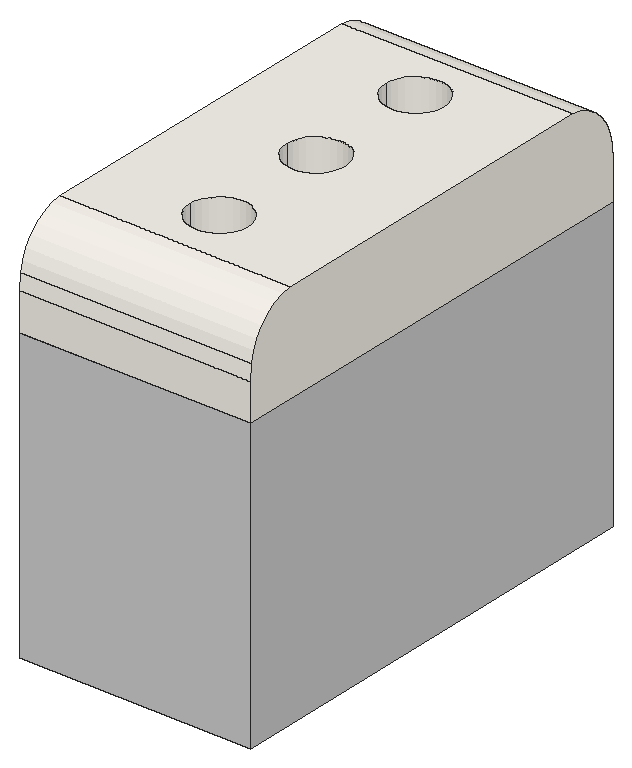
Revit family "Domotics-DomesticRanges-GEWISS-CHORUS_POWER-SOCKET-OUTLET_ITA_P11_10A", category Apparecchi elettrici, host Superficie, Revit 2016
Family settings
  Host = Superficie
  Mantenere orientamento annotazione = Sì
  Tipo di parte = Normale
  Quota connettore circolare = Usa diametro
  Numero OmniClass = 23.80.50.14
  Titolo OmniClass = Plug Connectors
  Taglio con vuoti quando caricato = Sì
  Condiviso = Sì
  Punto di calcolo locali = Sì
Parameters (values of type "GW14201 - Titanium")
  Wiring terminals = "With screw"
  Voltage: = "250 V ac"
  Voltage = "250 V ac"
  Volt = 230 V
  Vista di pianta [instance] = yes
  Version file RFA = "19.0"
  URL = "https://www.gewiss.com/ww/en"
  Tipo = CHORUS PRESE ITA P11 10A_BASE : TITANIO
  Thermo-pressure with ball = "125 °C"
  Terminal tightening capacity rigid cables (mm2) = "min. 0,5 - max. 2x2,5"
  Terminal tightening capacity flexible cables (mm2) = "min. 0,75 - max. 2x4"
  Terminal grip on cable traction = "> 50 N"
  Technical sheet = "https://www.gewiss.com/ww/en/search?q=GW14201"
  Standard; = "IEC 60884-1"
  Standard: = "English"
  Standard = "English"
  Socket-out type = "P11"
  Simbolo = SIMBOLO PRESE : PRESA
  SIMBOLO [instance] = yes
  SEO = "Socket outlet"
  Resistance at test voltage = "2000 V at 50 Hz for 1 minute"
  Realized by GEWISS S.p.A. = ""
  Prolonged operation (no.of position changes) = "10.000 at In 250 V ac cosØ=0,8"
  Produttore = "GEWISS S.p.A."
  No. Chorus modules: = "1"
  No. Chorus modules = "1"
  N. poli = 1
  Modello = "GW14201"
  Larghezza presa = 23 mm
  Insulation resistance = "> 5 MOhm"
  IFC.TypeObject = ""
  IFC.ExportType = ""
  IFC.ExportAs = ""
  IDT = "7b0b641e-4b91-4353-84d6-7d3690fbcad4"
  IDF = "24c1ba67-7f48-49eb-a107-84852124cb00"
  Glow Wire Test = "850°C"
  GW - Testo Elettrico [instance] = "10"
  Offset presa [instance] = 0 mm
  Offset bidimensionale [instance] = 2 mm
  For plug pins = "Ø 4 mm"
  Electrocod = "0131"
  EAN code = "8011564266292"
  Distanza_x [instance] = 0 mm
  Distanza_effettiva_x [instance] = 1500 mm - Distanza_x  # 1500 mm
  Default Elevation = 1219.2 mm
  Immagine tipo = GW14201.jpg
  Descrizione = "SOCKET 1M 2P+E 10A P11 IT ST TITANIUM"
  Description: = "2P+E - 10A"
  Description. = "Socket-outlet"
  Colour = "Titanium"
  Characteristics = "With safety shields"
  Category = "Socket-outlet"
  Catalogue Range = "CHORUS - DOMESTIC RANGE"
  Catalogue = "DOMOTICS"
  Carico apparente = 0 VA
  COBie.Tagnumber = ""
  COBie.CreatedOn = ""
  COBie.CreatebBy = ""
  COBie.ComponentRegisterItemID = ""
  COBie.Component.TagNumber = ""
  COBie.Component.Space = ""
  COBie.Component.SerialNumber = ""
  COBie.Component.InstallationDate = ""
  COBie.Component.Description = ""
  COBie.Component.BarCode = ""
  Breaking capacity: = "1.25 In (100 position changes)"
Types (3, lengths in mm): name | Tipo | Technical sheet | Modello | IDT | EAN code | Immagine tipo | Descrizione | Colour
  GW10201 - White | CHORUS PRESE ITA P11 10A_BASE : TITANIO | "https://www.gewiss.com/ww/en/search?q=GW10201" | "GW10201" | "3ef2344a-9335-4455-aaba-8e2aef3bcaca" | "8011564257887" | GW14201.jpg | "S. OUT. 1M 2P+E 10A P11 IT WHITE" | "White"
  GW12201 - Black | CHORUS PRESE ITA P11 10A_BASE : NERO | "https://www.gewiss.com/ww/en/search?q=GW12201" | "GW12201" | "84ce0c27-3db9-4006-9db4-e47034b50362" | "8011564267206" | GW12201.jpg | "SOCKET, 1M 2P+E 10A P11 IT ST BLACK" | "Black"
  GW14201 - Titanium | CHORUS PRESE ITA P11 10A_BASE : TITANIO | "https://www.gewiss.com/ww/en/search?q=GW14201" | "GW14201" | "7b0b641e-4b91-4353-84d6-7d3690fbcad4" | "8011564266292" | GW14201.jpg | "SOCKET 1M 2P+E 10A P11 IT ST TITANIUM" | "Titanium"
Reference planes
  plane 1 "Centro (Fronte/Retro)": y = 0
  plane 2: z = 0
  plane 3 "Centro (Sinistra/Destra)": x = 0
  plane 4: z = 0
  plane 5 "piano bidimensionale": z = 41
  plane 6: x = -11.5
  plane 7: x = 11.5
  plane 8: x = -1500
  plane 9: x = 0
  plane 10: z = 39
Lines and regions (mm)
  Masking region 1, visible <- "Vista di pianta"
    outline origin (0, 0, 0) x (1, 0, 0) y (0, 0, 1)
      loop
        line (11.5, 0) -> (11.5, 39) -> (-11.5, 39) -> (-11.5, 0) -> (11.5, 0)
  Masking region 2, visible <- "Vista di pianta"
    outline origin (0, 0, 41) x (0, -1, 0) y (1, 0, 0)
      loop
        line (-22.5, 11.5) -> (-22.5, -11.5) -> (22.5, -11.5) -> (22.5, 11.5) -> (-22.5, 11.5)
      loop
        circle (0, 0) r 2.942
      loop
        circle (-12.206, 0.079) r 2.942
      loop
        circle (12.206, 0.079) r 2.942
  Masking region 3, visible <- "Vista di pianta"
    outline origin (0, 0, 0) x (0, 1, 0) y (0, 0, 1)
      loop
        line (22.5, 0) -> (22.5, 39) -> (-22.5, 39) -> (-22.5, 0) -> (22.5, 0)
  model lines, style "pulsanti", detail levels coarse
    curve 1: line (11.5, 22.5, 41) -> (11.5, -22.5, 41)
    curve 2: line (11.5, -22.5, 41) -> (-11.5, -22.5, 41)
    curve 3: line (-11.5, -22.5, 41) -> (-11.5, 22.5, 41)
    curve 4: line (-11.5, 22.5, 41) -> (11.5, 22.5, 41)
    curve 5: spline (-2.86, -12.315, 41) -> (-2.785, -11.534, 41) -> (-2.505, -10.8, 41) -> (-2.041, -10.166, 41) -> (-1.424, -9.678, 41) -> (-0.701, -9.371, 41) -> (0.079, -9.266, 41) -> (0.859, -9.371, 41) -> (1.583, -9.678, 41) -> (2.199, -10.166, 41) -> (2.664, -10.8, 41) -> (2.943, -11.534, 41) -> (3.018, -12.315, 41)
    curve 6: spline (3.018, -12.315, 41) -> (2.897, -13.054, 41) -> (2.591, -13.739, 41) -> (2.122, -14.324, 41) -> (1.52, -14.772, 41) -> (0.824, -15.052, 41) -> (0.079, -15.148, 41) -> (-0.666, -15.052, 41) -> (-1.362, -14.772, 41) -> (-1.964, -14.324, 41) -> (-2.433, -13.739, 41) -> (-2.738, -13.054, 41) -> (-2.86, -12.315, 41)
    curve 7: arc (2.942, 0, 41) -> (0, -2.942, 41) -> (-2.942, 0, 41) r 2.942
    curve 8: arc (-2.942, 0, 41) -> (0, 2.942, 41) -> (2.942, 0, 41) r 2.942
    curve 9: spline (3.018, 12.315, 41) -> (2.943, 11.534, 41) -> (2.664, 10.8, 41) -> (2.199, 10.166, 41) -> (1.583, 9.678, 41) -> (0.859, 9.371, 41) -> (0.079, 9.266, 41) -> (-0.701, 9.371, 41) -> (-1.424, 9.678, 41) -> (-2.041, 10.166, 41) -> (-2.505, 10.8, 41) -> (-2.785, 11.534, 41) -> (-2.86, 12.315, 41)
    curve 10: spline (-2.86, 12.315, 41) -> (-2.738, 13.054, 41) -> (-2.433, 13.739, 41) -> (-1.964, 14.324, 41) -> (-1.362, 14.772, 41) -> (-0.666, 15.052, 41) -> (0.079, 15.148, 41) -> (0.824, 15.052, 41) -> (1.52, 14.772, 41) -> (2.122, 14.324, 41) -> (2.591, 13.739, 41) -> (2.897, 13.054, 41) -> (3.018, 12.315, 41)
  model lines, style "pulsanti", not visible, detail levels coarse
    curve 11: line (11.5, 22.5, 60) -> (11.5, -22.5, 60)
    curve 12: line (11.5, -22.5, 60) -> (-11.5, -22.5, 60)
    curve 13: line (-11.5, -22.5, 60) -> (-11.5, 22.5, 60)
    curve 14: line (-11.5, 22.5, 60) -> (11.5, 22.5, 60)
    curve 15: spline (-2.86, -12.315, 60) -> (-2.785, -11.534, 60) -> (-2.505, -10.8, 60) -> (-2.041, -10.166, 60) -> (-1.424, -9.678, 60) -> (-0.701, -9.371, 60) -> (0.079, -9.266, 60) -> (0.859, -9.371, 60) -> (1.583, -9.678, 60) -> (2.199, -10.166, 60) -> (2.664, -10.8, 60) -> (2.943, -11.534, 60) -> (3.018, -12.315, 60)
    curve 16: spline (3.018, -12.315, 60) -> (2.897, -13.054, 60) -> (2.591, -13.739, 60) -> (2.122, -14.324, 60) -> (1.52, -14.772, 60) -> (0.824, -15.052, 60) -> (0.079, -15.148, 60) -> (-0.666, -15.052, 60) -> (-1.362, -14.772, 60) -> (-1.964, -14.324, 60) -> (-2.433, -13.739, 60) -> (-2.738, -13.054, 60) -> (-2.86, -12.315, 60)
    curve 17: arc (2.942, 0, 60) -> (0, -2.942, 60) -> (-2.942, 0, 60) r 2.942
    curve 18: arc (-2.942, 0, 60) -> (0, 2.942, 60) -> (2.942, 0, 60) r 2.942
    curve 19: spline (3.018, 12.315, 60) -> (2.943, 11.534, 60) -> (2.664, 10.8, 60) -> (2.199, 10.166, 60) -> (1.583, 9.678, 60) -> (0.859, 9.371, 60) -> (0.079, 9.266, 60) -> (-0.701, 9.371, 60) -> (-1.424, 9.678, 60) -> (-2.041, 10.166, 60) -> (-2.505, 10.8, 60) -> (-2.785, 11.534, 60) -> (-2.86, 12.315, 60)
    curve 20: spline (-2.86, 12.315, 60) -> (-2.738, 13.054, 60) -> (-2.433, 13.739, 60) -> (-1.964, 14.324, 60) -> (-1.362, 14.772, 60) -> (-0.666, 15.052, 60) -> (0.079, 15.148, 60) -> (0.824, 15.052, 60) -> (1.52, 14.772, 60) -> (2.122, 14.324, 60) -> (2.591, 13.739, 60) -> (2.897, 13.054, 60) -> (3.018, 12.315, 60)
Dimensions and locks
  "Offset presa": plane 4 to host face
  equal spacing: plane 6, plane 3 "Centro (Sinistra/Destra)", plane 7
  "Larghezza presa": plane 6 to plane 7
  plane 8 to plane 3 "Centro (Sinistra/Destra)" = 1500 mm
  "Distanza_effettiva_x": plane 8 to plane 9
  locked: plane 10 to plane 4 at 39
  "Offset bidimensionale": plane 5 "piano bidimensionale" to plane 10
  aligned and locked: plane 2 to host face
  aligned and locked: level to host face
  aligned and locked: nested 1 to plane 4  (x3)
  aligned and locked: plane 4 to Masking region 1 sketch curve
  aligned and locked: plane 6 to Masking region 1 sketch curve
  aligned and locked: plane 9 to nested 2
  aligned and locked: Masking region 2 sketch curve to nested 1  (x2)
  aligned and locked: Masking region 1 to plane 4
  aligned and locked: plane 5 "piano bidimensionale" to curve 2
  aligned and locked: curve 4 to plane 5 "piano bidimensionale"
  aligned and locked: plane 5 "piano bidimensionale" to curve 1
  aligned and locked: curve 3 to plane 5 "piano bidimensionale"
  aligned and locked: plane 10 to Masking region 1
  aligned and locked: Masking region 3 sketch curve to plane 10
  aligned and locked: plane 4 to Masking region 3 sketch curve
Automatic sketch dimensions
  host sketch curve to host sketch curve = 2438.4 mm  (x2)
  Masking region 1 sketch curve to plane 7 = 0 mm
  plane 1 "Centro (Fronte/Retro)" to Masking region 2 sketch curve = 0 mm
  Masking region 2 sketch curve to plane 3 "Centro (Sinistra/Destra)" = 0 mm
  Masking region 2 sketch curve to Masking region 2 sketch curve = 2.942 mm
  plane 3 "Centro (Sinistra/Destra)" to Masking region 2 sketch curve = 0.079 mm  (x2)
  Masking region 2 sketch curve to plane 1 "Centro (Fronte/Retro)" = 12.206 mm
  Masking region 2 sketch curve to plane 3 "Centro (Sinistra/Destra)" = 2.863 mm  (x2)
  plane 1 "Centro (Fronte/Retro)" to Masking region 2 sketch curve = 12.206 mm
  Masking region 1 sketch curve to plane 5 "piano bidimensionale" = 2 mm
  Masking region 2 sketch curve to Masking region 2 sketch curve = 10.294 mm  (x2)
  plane 1 "Centro (Fronte/Retro)" to Masking region 3 sketch curve = 22.5 mm
  Masking region 3 sketch curve to plane 1 "Centro (Fronte/Retro)" = 22.5 mm
Nested families
  nested 1: "CHORUS PRESE ITA P11 10A_BASE" at (0, 0, 0), type <- "Tipo", type "TITANIO", detail levels medium+fine
  nested 2: "SIMBOLO PRESE" at (0, 100, 0), TESTO ELETTRICO <- "GW - Testo Elettrico", type <- "Simbolo", SIMBOLO <- "SIMBOLO", visible <- "SIMBOLO", type "PRESA"
    with TESTO ELETTRICO "10", Distanza dal muro 4.208 mm, BORDO ACCESO yes
Connectors
  electrical at (0, 0, 0), driven by "N. poli", driven by "Volt", driven by "Carico apparente"
    settings: on nested 1, index 1, voltage 230 V, apparent load 0 VA, apparent load phase1 0 VA, apparent load phase2 0 VA, apparent load phase3 0 VA, power factor 1, load classification "Other", number of poles 1, system type 31, power factor state 1, is connector primary yes, connector utility no, sub classification motor no, connector description ""
Definition of nested family "CHORUS PRESE ITA P11 10A_BASE"
  Parameters (values of type "TITANIO")
    Simbolo accensione = none
    Supporto = none
    Pulsante = none
    Profondità suporto = 29 mm
    Larghezza pulsante = 23 mm  # constant formula
    Bidimensionale = 36.414 mm
    Altezza pulsante = 45 mm
  Types (3): name
    NERO
    TITANIO
    BIANCO
  Reference planes
    plane 1 "Centro (Fronte/Retro)": y = 0
    plane 2: z = 0
    plane 3 "Centro (Sinistra/Destra)": x = 0
    plane 4: y = -22.5
    plane 5: y = 22.5
    plane 6: x = -11.5
    plane 7: x = 11.5
    plane 8: z = 29
    plane 9 "PIANO BIDIMENSIONALE": z = 36.414
    plane 10: z = 39
    plane 11: z = 34.418
  Forms (mm)
    Extrusion 1, solid, material <- "Supporto"
      sketch origin (0, 0, 0) x (0, 1, 0) y (0, 0, 1)
        loop
          line (-22.5, 0) -> (22.5, 0) -> (22.5, 29) -> (-22.5, 29) -> (-22.5, 0)
      from -11.5 to 11.5
    Extrusion 2, solid, material <- "Pulsante"
      sketch origin (0, 0, 0) x (0, 1, 0) y (0, 0, 1)
        loop
          arc (-17.507, 39) -> (-20.777, 37.471) -> (-22.34, 34.217) r 5.368
          line (-22.34, 34.217) -> (-22.5, 32.69) -> (-22.5, 29) -> (22.5, 29) -> (22.5, 32.69) -> (22.34, 34.217)
          arc (22.34, 34.217) -> (20.777, 37.471) -> (17.507, 39) r 5.368
          line (17.507, 39) -> (-17.507, 39)
      from -11.5 to 11.5
    Extrusion 3, void
      sketch origin (0, 0, 36.414) x (-1, 0, 0) y (0, -1, 0)
        loop
          circle (-0.079, -12.206) r 2.942
        loop
          circle (0, 0) r 2.942
        loop
          circle (-0.079, 12.206) r 2.942
      from -1.996 to 2.586
  Cuts and joins
    Extrusion 3 cuts Extrusion 2
  Lines and regions (mm)
    Masking region 1
      outline origin (0, 0, 36.414) x (-1, 0, 0) y (0, -1, 0)
        loop
          line (11.5, -22.5) -> (11.5, 22.5) -> (-11.5, 22.5) -> (-11.5, -22.5) -> (11.5, -22.5)
        loop
          spline (2.86, -12.315) -> (2.785, -11.534) -> (2.505, -10.8) -> (2.041, -10.166) -> (1.424, -9.678) -> (0.701, -9.371) -> (-0.079, -9.266) -> (-0.859, -9.371) -> (-1.583, -9.678) -> (-2.199, -10.166) -> (-2.664, -10.8) -> (-2.943, -11.534) -> (-3.018, -12.315)
          spline (-3.018, -12.315) -> (-2.897, -13.054) -> (-2.591, -13.739) -> (-2.122, -14.324) -> (-1.52, -14.772) -> (-0.824, -15.052) -> (-0.079, -15.148) -> (0.666, -15.052) -> (1.362, -14.772) -> (1.964, -14.324) -> (2.433, -13.739) -> (2.738, -13.054) -> (2.86, -12.315)
        loop
          circle (0, 0) r 2.942
        loop
          spline (2.86, 12.315) -> (2.738, 13.054) -> (2.433, 13.739) -> (1.964, 14.324) -> (1.362, 14.772) -> (0.666, 15.052) -> (-0.079, 15.148) -> (-0.824, 15.052) -> (-1.52, 14.772) -> (-2.122, 14.324) -> (-2.591, 13.739) -> (-2.897, 13.054) -> (-3.018, 12.315)
          spline (-3.018, 12.315) -> (-2.943, 11.534) -> (-2.664, 10.8) -> (-2.199, 10.166) -> (-1.583, 9.678) -> (-0.859, 9.371) -> (-0.079, 9.266) -> (0.701, 9.371) -> (1.424, 9.678) -> (2.041, 10.166) -> (2.505, 10.8) -> (2.785, 11.534) -> (2.86, 12.315)
  Dimensions and locks
    equal spacing: plane 4, plane 1 "Centro (Fronte/Retro)", plane 5
    plane 4 to plane 5 = 45 mm
    equal spacing: plane 6, plane 3 "Centro (Sinistra/Destra)", plane 7
    "Larghezza pulsante": plane 6 to plane 7
    equal spacing: plane 5, plane 1 "Centro (Fronte/Retro)", plane 4
    "Altezza pulsante": plane 5 to plane 4
    "Profondità suporto": plane 8 to plane 2
    "Bidimensionale": plane 9 "PIANO BIDIMENSIONALE" to level
    locked: plane 8 to plane 10 at 10
    locked: plane 11 to plane 8 at 5.418
    aligned and locked: level to plane 2
    aligned and locked: Extrusion 1 sketch curve to plane 4
    aligned and locked: plane 5 to Extrusion 1 sketch curve
    aligned and locked: Extrusion 1 sketch curve to plane 2
    aligned and locked: Extrusion 1 to plane 6
    aligned and locked: plane 7 to Extrusion 1
    aligned and locked: plane 7 to Extrusion 2
    aligned and locked: Extrusion 2 to plane 6
    aligned and locked: Extrusion 3 to plane 11
    aligned and locked: Masking region 1 sketch curve to cut or joined group of Extrusion 2, Extrusion 3
    aligned and locked: Masking region 1 sketch curve to plane 5
    aligned and locked: Masking region 1 sketch curve to plane 7
    aligned and locked: Masking region 1 to plane 4
    aligned and locked: Extrusion 2 sketch curve to plane 10
    aligned and locked: cut or joined group of Extrusion 2, Extrusion 3 to plane 10
    aligned and locked: cut or joined group of Extrusion 2, Extrusion 3 to plane 11
  Automatic sketch dimensions
    plane 8 to Extrusion 1 sketch curve = 0 mm
    Extrusion 2 sketch curve to plane 4 = 0 mm
    plane 4 to Extrusion 2 sketch curve = 0.16 mm
    Extrusion 2 sketch curve to plane 8 = 4.655 mm  (x2)
    Extrusion 2 sketch curve to plane 5 = 0.16 mm
    Extrusion 2 sketch curve to plane 8 = 3.69 mm
    Extrusion 2 sketch curve to Extrusion 2 sketch curve = 1.526 mm  (x2)
    Extrusion 2 sketch curve to plane 8 = 5.217 mm
    plane 8 to Extrusion 2 sketch curve = 0 mm
    plane 3 "Centro (Sinistra/Destra)" to Masking region 1 sketch curve = 3.02 mm  (x2)
    Masking region 1 sketch curve to Masking region 1 sketch curve = 0.002 mm  (x4)
    plane 3 "Centro (Sinistra/Destra)" to Masking region 1 sketch curve = 0.079 mm  (x2)
    Masking region 1 sketch curve to Masking region 1 sketch curve = 0 mm  (x2)
    Masking region 1 sketch curve to plane 3 "Centro (Sinistra/Destra)" = 2.86 mm  (x2)
    Masking region 1 sketch curve to plane 5 = 10.185 mm
    Masking region 1 sketch curve to Masking region 1 sketch curve = 0.102 mm
    plane 1 "Centro (Fronte/Retro)" to Masking region 1 sketch curve = 0 mm
    Masking region 1 sketch curve to plane 3 "Centro (Sinistra/Destra)" = 0 mm
    Masking region 1 sketch curve to Masking region 1 sketch curve = 2.942 mm
    plane 4 to Masking region 1 sketch curve = 10.299 mm
    Masking region 1 sketch curve to Masking region 1 sketch curve = 0.013 mm
    plane 4 to Masking region 1 sketch curve = 0 mm
    Extrusion 2 sketch curve to plane 5 = 0 mm
    plane 4 to Extrusion 2 sketch curve = 4.993 mm
    Extrusion 2 sketch curve to plane 5 = 4.993 mm
Definition of nested family "SIMBOLO PRESE"
  Parameters (values of type "PRESA")
    TESTO ELETTRICO [instance] = "TXT"
    Simbolo = SIMBOLO PRESE_BASE : PRESA
    SIMBOLO [instance] = yes
    Distanza dal muro [instance] = 4.208 mm
    BORDO ACCESO [instance] = yes
  Reference planes
    plane 1: y = 0
    plane 2: x = 0
  Dimensions and locks
    aligned and locked: plane 1 to nested 1
    aligned and locked: plane 2 to nested 1
  Nested families
    nested 1: "SIMBOLO PRESE_BASE" at (0, 0, 0), type <- "Simbolo", TESTO ELETTRICO <- "TESTO ELETTRICO", BORDO ACCESO <- "BORDO ACCESO", visible <- "SIMBOLO", type "PRESA"
      with TESTO ELETTRICO "TXT", BORDO ACCESO yes
  Definition of nested family "SIMBOLO PRESE_BASE"
    Parameters (values of type "PRESA")
      TESTO ELETTRICO [instance] = "TXT"
      Distanza dal muro = 4.208 mm
      BORDO ACCESO [instance] = yes
    Reference planes
      plane 1: y = 0
      plane 2: x = 0
    Lines and regions (mm)
      detail lines, visible <- "BORDO ACCESO", not visible
        curve 1: line (-1.743, 9.208, 0) -> (2.057, 9.208, 0)
        curve 2: line (2.057, 9.208, 0) -> (2.057, 4.208, 0)
        curve 3: line (2.057, 4.208, 0) -> (-1.743, 4.208, 0)
        curve 4: line (-1.743, 4.208, 0) -> (-1.743, 9.208, 0)
        curve 5: line (-1.543, 9.008, 0) -> (1.857, 9.008, 0)
        curve 6: line (1.857, 9.008, 0) -> (1.857, 4.408, 0)
        curve 7: line (1.857, 4.408, 0) -> (-1.543, 4.408, 0)
        curve 8: line (-1.543, 4.408, 0) -> (-1.543, 9.008, 0)
      detail lines
        curve 9: line (0.783, 1.133, 0) -> (-0.783, 1.133, 0)
        curve 10: line (0, 1.133, 0) -> (0, 0.349, 0)
        curve 11: arc (-0.783, 1.916, 0) -> (0, 1.133, 0) -> (0.783, 1.916, 0) r 0.783
    Text (mm)
      label "TXT" at (0.016, 1.578, 0), shows "TESTO ELETTRICO"
